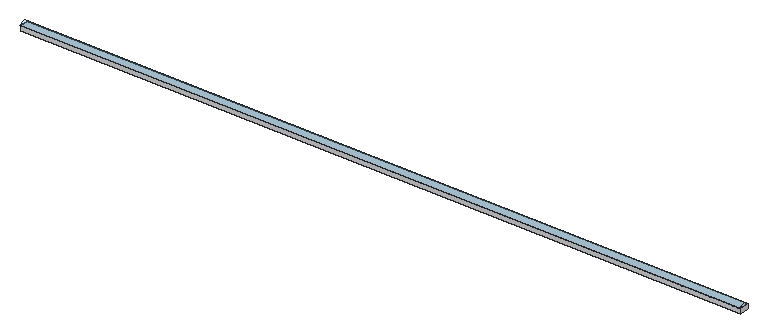
Revit family "277V DOBLE 5630 IP 65_S25120.W.1", category Luminarias, Revit 2019
Family settings
  Cota de conector redondo = Diámetro de uso
  Tipo de pieza = Normal
  Se basa en plano de trabajo = Sí
  Siempre vertical = No
  Corte con vacíos al cargar = No
  Origen de luz = Sí
  Compartido = No
  Punto de cálculo de habitación = No
Parameters (values of type "277V DOBLE 5630 IP 65_S25120.W.1")
  Tilt Angle = 60.00°
  Zone [instance] = ""
  Watt per fixture [instance] = (Longitud / 1000 mm) * (19.8)  # 19.8
  Wattage = 19.8 W
  built-in parameter 1150107 = 3000 (stored number, unit not read)
  built-in parameter 1150110 = 1 (stored number, unit not read)
  built-in parameter 1150109 = 1 (stored number, unit not read)
  built-in parameter 1150112 = 1 (stored number, unit not read)
  built-in parameter 1150113 = 1 (stored number, unit not read)
  built-in parameter 1114218 = 1 (stored number, unit not read)
  built-in parameter 1150137 = (empty or 0)
  built-in parameter 1150132 = (empty or 0)
  Modelo = "S25120.W.1"
  Lámpara = "5630 SMD"
  Longitud de línea de emisión = 600 mm
  Longitud [instance] = 1000 mm
  LCl2 Conector Intermedio [instance] = 0
  LCG2 Funda Termo contractil [instance] = (LCC4 Convertidor de Corriente) * (2)  # 2
  LCF2 Tapa Final [instance] = (LCC4 Convertidor de Corriente) * (1)  # 1
  LCC4 Convertidor de Corriente [instance] = 1
  LCA2 Conector Aguja [instance] = (LCC4 Convertidor de Corriente) * (1)  # 1
  built-in parameter 1150105 = 105.57 (stored number, unit not read)
  built-in parameter 1150102 = (empty or 0)
  built-in parameter 1150106 = 1.0557 (stored number, unit not read)
  Lumens = 1326.6 lm
  Color Filter = 16777215
  built-in parameter 1114217 = 1 (stored number, unit not read)
  built-in parameter 1150139 = (empty or 0)
  Fabricante = "BRILLANT"
  Default Elevation = 0 mm
  built-in parameter 1150104 = 6.2245 (stored number, unit not read)
  Descripción = "TIRA LED SENCILLA DE PCB CON RECUBRIMIENTO DE PLASTICO 21MM MONOCROMATICA , CON UNA POTENCIA DE 19.80W/M DE UN TIPO DE LED 5630 SMD, USO PARA INTERIORES COMO EXTERIORES IP65, IRC80, 120 LEDS POR METRO, PRESENTACION DE 50M, TEMPERATURA EN BLANCO CALIDO 3000K, 1324.6 LUMENES POR METRO, EFICIENCIA DE 67 LM/W, CORTE A 50CM, ALIMENTADA A 277V, REQUIERE ACCESORIOS COMO CONVERTIDOR DE CORRIENTE (1 POR SEGMENTO DE TIRA), CONECTOR INTERMEDIO (CONSIDERAR EN CORTES DE TIRA O ANGULOS CERRADOS), CONECTOR AGUJA (CONSIDERAR 1PZA PRO CADA CONVERTIDOR), FUNDA TERMOCONTRACTIL (CONSIDERAR 2PZAS POR SEGMENTO DE TIRA), TAPA FINAL (CONSIDERAR 1PZA POR SEGMENTO DE TIRA) Y CLIPS DE SUJECION (CONSIDERAR 4 PZAS POR 1M)"
  built-in parameter 1150115 = 1 (stored number, unit not read)
  built-in parameter 1150114 = 1 (stored number, unit not read)
  Costo USD_S25120 [instance] = (Longitud / 1000 mm) * (24)  # 24
  Cost = 0
  Comentarios de vataje = "277V"
  built-in parameter 1150138 = (empty or 0)
  built-in parameter 1150134 = (empty or 0)
  Circuit [instance] = ""
  Dimming Lamp Color Temperature Shift = (empty or 0)
  CL2 Clips de sujecion [instance] = (Longitud / 1000 mm) * (4)  # 4
  Archivo de red fotométrica = "S25120.W.1_277V DOBLE 5630 IP65.IES"
  built-in parameter 1150133 = 10 (stored number, unit not read)
Reference planes
  plane 1 "Centro (Frontal/Posterior)": y = 0
  plane 2: z = 0
  plane 3 "Centro (Izquierda/Derecha)": x = 0
  plane 4: x = 0
  plane 5: z = 12
  plane 6: x = -1000
Forms (mm)
  Extrusion 1, solid
    sketch origin (0, 0, 0) x (1, 0, 0) y (0, 1, 0)
      loop
        line (-1000, 6.476) -> (-1000, -6.493) -> (0, -6.493) -> (0, 6.476) -> (-1000, 6.476)
    from 0 to 6.038
  Extrusion 2, solid, material "Cristal"
    sketch origin (0, 0, 0) x (0, 1, 0) y (0, 0, 1)
      loop
        arc (6.5, 6.038) -> (0, 10.038) -> (-6.5, 6.038) r 7.281
        line (-6.5, 6.038) -> (6.5, 6.038)
    from -1000 to 0
Dimensions and locks
  "Longitud": plane 6 to plane 4
  aligned and locked: level to plane 2
  aligned and locked: Extrusion 1 to plane 4
  aligned and locked: plane 6 to Extrusion 1
  aligned and locked: Extrusion 2 to Extrusion 1
  aligned and locked: plane 3 "Centro (Izquierda/Derecha)" to Extrusion 2
  aligned and locked: plane 3 "Centro (Izquierda/Derecha)" to Extrusion 1
Automatic sketch dimensions
  Extrusion 1 sketch curve to plane 6 = 0 mm
  Extrusion 1 sketch curve to plane 3 "Centro (Izquierda/Derecha)" = 0 mm
  plane 1 "Centro (Frontal/Posterior)" to Extrusion 1 sketch curve = 6.493 mm
  Extrusion 1 sketch curve to plane 1 "Centro (Frontal/Posterior)" = 6.476 mm
  level to Extrusion 2 sketch curve = 2.757 mm
  Extrusion 2 sketch curve to plane 1 "Centro (Frontal/Posterior)" = 0 mm
  plane 1 "Centro (Frontal/Posterior)" to Extrusion 2 sketch curve = 6.5 mm
  Extrusion 2 sketch curve to plane 5 = 5.962 mm
Connectors
  electrical at (0, -0.009, 3.019)
    settings: on Extrusion 1, index 1, voltage 277 V, apparent load 0 VA, apparent load phase1 0 VA, apparent load phase2 0 VA, apparent load phase3 0 VA, power factor 1, load classification "Otro", number of poles 1, system type 31, power factor state 1, is connector primary yes, connector utility no, sub classification motor no, connector description ""
